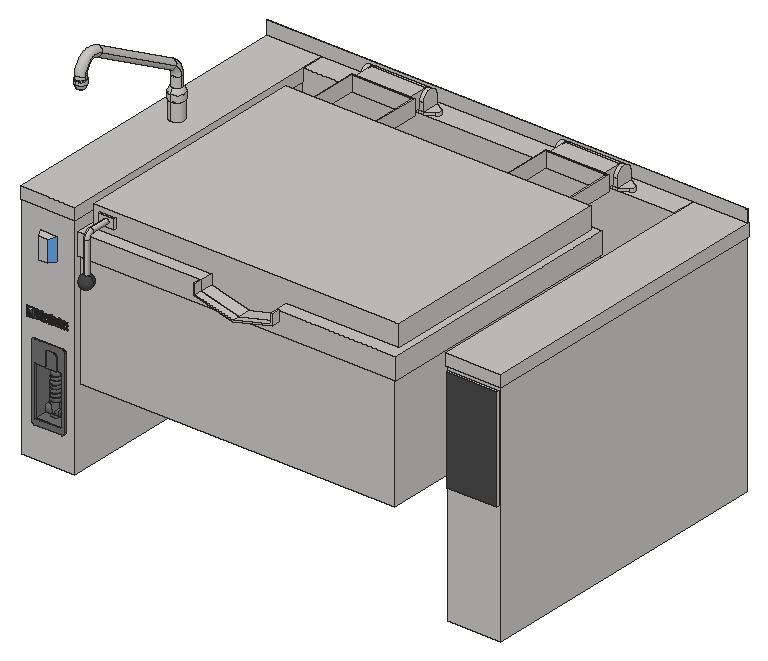
Revit family "QF_ELECTROLUXPROFESSIONAL_586954_PFET08ELES", category Specialty Equipment, Revit 2018
Family settings
  Round Connector Dimension = Use Radius
  Part Type = Normal
  Work Plane-Based = No
  Always vertical = Yes
  Cut with Voids When Loaded = No
  Shared = Yes
  Room Calculation Point = No
Parameters (values of type "Standard")
  Weight = 240.00 kg
  Watts = 0 W
  Volts = 400 V
  URL Manufacturer = "http://professional.electrolux.com"
  URL = "http://professional.electrolux.com"
  Steam Supply Size = 0"
  Steam Supply Minimum Pressure = 0.00 psi
  Steam Supply Maximum Pressure = 0.00 psi
  Steam Pounds per Hour = 0
  Show Logo [instance] = yes
  Refrigeration Suction Line Size = 0"
  Refrigeration Liquid Line Size = 0"
  Refrigerant Compressor Remote = yes
  Plinth Base Finish [instance] = QF_Finishes_Concrete
  Plinth Base [instance] = not(Base Height = 500.00 mm)  # yes
  Phase = 3
  Model = "PFET08ELES"
  Manufacturer = "Electrolux Professional"
  Length Actual = 1400.00 mm  # constant formula
  Item Number = "586954"
  Hot Water Size = 1/2"
  Height Actual = 700.00 mm  # constant formula
  HP = "27.6 HP"
  Gas Size = 0"
  Gas KW = 0
  Gas Input Pressure = 0.0 Btu/h
  Drain Y Axis [instance] = if(Base Height = 500.00 mm, 0.00 mm, 180.00 mm)  # 180.00 mm
  Drain X Axis [instance] = if(Base Height = 500.00 mm, 425.00 mm, Base Height)  # 200.00 mm
  Direct Waste Size = 0"
  Description = "EL. TILTING BRAISING PAN,AUTO H/C WATER FILL INLET,SPRAY GUN, 80L,H700,COMPOUND,BS,FS,D900,REAR CLS KIT,GUID.COOK.S"
  Depth Actual = 900.00 mm  # constant formula
  Cycle = 50 Hz
  Condensate Return Size = 0"
  Compressed Air Volume = 0 GPM
  Compressed Air Size = 0"
  Compressed Air Pressure = 0.00 psi
  Cold Water Size = 1/2"
  Bracket [instance] = Base Height = 500.00 mm  # no
  Body Finish [instance] = QF_Finishes_Stainless Steel
  Base Height = 200.00 mm
  Show Clearance [instance] = yes
  Assembly Code = ""
  Accessory = yes
Reference planes
  plane 1 "BACK": y = 0
  plane 2: z = 0
  plane 3 "LEFT": x = 0
  plane 4 "RIGHT": x = 1400
  plane 5 "FRONT": y = -900
  plane 6 "TOP": z = 900
  plane 7: z = 200
  plane 8 "Center": x = 700
  plane 9: y = -450
  plane 10: z = 1867
  plane 11: y = -680
  plane 12: y = -315
  plane 13: y = -1002
Forms (mm)
  Extrusion 1, solid, material "QF_Finishes_Stainless Steel" <- "Body Finish"
    sketch origin (-11.629, 0, 900) x (-1, 0, 0) y (0, -1, 0)
      loop
        line (-11.629, 0) -> (-11.629, 900) -> (-171.629, 900) -> (-171.629, 0) -> (-11.629, 0)
      loop
        line (-1411.629, 900) -> (-1411.629, 0) -> (-1251.629, 0) -> (-1251.629, 900) -> (-1411.629, 900)
    from 0 to -35
  Extrusion 2, solid, material "QF_Finishes_Stainless Steel" <- "Body Finish"
    sketch origin (-11.629, 0, 0) x (1, 0, 0) y (0, 0, 1)
      loop
        line (171.629, 900) -> (171.629, 500) -> (1251.629, 500) -> (1251.629, 900) -> (171.629, 900)
    from 0 to 70
  Extrusion 3, solid, material "QF_Finishes_Stainless Steel" <- "Body Finish"
    sketch origin (2286.371, 0, 27.379) x (1, 0, 0) y (0, 0, 1)
      loop
        line (-2049.571, 472.621) -> (-1134.271, 472.621) -> (-1134.271, 805.621) -> (-2049.571, 805.621) -> (-2049.571, 472.621)
    from 232 to 975.2
  Extrusion 4, solid, material "QF_Finishes_Stainless Steel" <- "Body Finish"
    sketch origin (1240, -900, 0) x (1, 0, 0) y (0, 0, 1)
      loop
        line (7, 553.501) -> (153, 553.501) -> (153, 855) -> (7, 855) -> (7, 553.501)
    from 0 to 5
  Blend 5, solid, material "QF_Finishes_Stainless Steel" <- "Body Finish"
    base sketch origin (154, -900, 0) x (-1, 0, 0) y (0, 0, -1)
      loop
        line (94.5, -805.4) -> (94.5, -738.6) -> (47.5, -738.6) -> (47.5, -805.4) -> (94.5, -805.4)
    top sketch origin (154, -900, 0) x (-1, 0, 0) y (0, 0, -1)
      loop
        line (84.448, -802.617) -> (84.448, -741.383) -> (57.552, -741.383) -> (57.552, -802.617) -> (84.448, -802.617)
    from 0 to 20.065
  Revolve 6, solid, material "QF_Finishes_Stainless Steel" <- "Body Finish"
    sketch origin (-986.928, -679, -3213) x (-1, 0, 0) y (0, 0, -1)
      loop
        line (-1223.728, -4000) -> (-1153.365, -4000) -> (-1153.365, -4030) -> (-1146.928, -4030) -> (-1146.928, -3943) -> (-1223.728, -3943) -> (-1223.728, -4000)
      loop
        line (-2139.028, -4000) -> (-2139.028, -3943) -> (-2226.928, -3943) -> (-2226.928, -4030) -> (-2220.491, -4030) -> (-2220.491, -4000) -> (-2139.028, -4000)
      axis (-1146.928, -3943) -> (-2226.928, -3943)
    angle from 0 to 360
  Extrusion 7, solid, material "QF_Finishes_Stainless Steel"
    sketch origin (0, 0, 386.36) x (0, 0, 1) y (1, 0, 0)
      loop
        circle (8.64, 106.204) r 6.35
      loop
        circle (8.64, 46.204) r 6.35
    from 0 to 5
  Extrusion 8, solid, material "QF_Finishes_Stainless Steel"
    sketch origin (1040, 0, 386.36) x (0, 0, 1) y (1, 0, 0)
      loop
        circle (63.64, 281.204) r 6.35
    from 0 to 5
  Extrusion 9, solid, material "QF_Finishes_Clearance", visible <- "Show Clearance", detail levels coarse
    sketch origin (2988.371, 9.994, -85.24) x (0, 1, 0) y (0, 0, 1)
      loop
        line (-58.467, 1043.24) -> (-450.27, 1952.74)
        arc (-450.27, 1952.74) -> (-894.699, 1597.175) -> (-1025.467, 1043.24) r 872.87
        line (-1025.467, 1043.24) -> (-58.467, 1043.24)
    from -2740.818 to -1852.578
  Revolve 10, solid, material "QF_Finishes_Black"
    sketch origin (-870.707, -1018.895, 810.327) x (0, 0, 1) y (-1, 0, 0)
      loop
        arc (13.06, -1158.612) -> (-6.179, -1139.373) -> (-25.418, -1158.612) r 19.239
        line (-25.418, -1158.612) -> (13.06, -1158.612)
      axis (-25.418, -1158.612) -> (13.06, -1158.612)
    angle from 0 to 360
  Extrusion 11, solid, material "Default", not visible
    sketch origin (-975.953, -4572.711, 180) x (-1, 0, 0) y (0, -1, 0)
      loop
        circle (-1055.953, -4392.711) r 12.5
    from 20 to 30
  Extrusion 12, solid, material "QF_Finishes_Stainless Steel" <- "Body Finish"
    sketch origin (2286.371, 0, 360.379) x (1, 0, 0) y (0, 0, 1)
      loop
        line (-2055.618, 472.621) -> (-1128.578, 472.621) -> (-1128.578, 536.621) -> (-2055.618, 536.621) -> (-2055.618, 472.621)
    from 232 to 980.2
  Extrusion 13, solid, material "QF_Finishes_Stainless Steel" <- "Body Finish"
    sketch origin (2286.371, 0, 420.879) x (1, 0, 0) y (0, 0, 1)
      loop
        line (-2038.818, 417.921) -> (-1150.578, 417.921) -> (-1150.578, 537.121) -> (-2038.818, 537.121) -> (-2038.818, 417.921)
    from 242 to 942.2
  Extrusion 14, void
    sketch origin (2286.371, 0, 420.879) x (1, 0, 0) y (0, 0, 1)
      loop
        line (-2038.818, 417.921) -> (-1150.578, 417.921) -> (-1150.578, 497.002) -> (-2038.818, 497.002) -> (-2038.818, 417.921)
    from 242 to 942.2
  Extrusion 15, void
    sketch origin (2281.371, -980.2, 360.379) x (-1, 0, 0) y (0, 0, 1)
      loop
        line (1690.885, 536.621) -> (1470.885, 536.621) -> (1470.885, 508.598) -> (1580.885, 480.503) -> (1690.885, 508.598) -> (1690.885, 536.621)
    from 0 to 38
  Extrusion 16, solid, material "QF_Finishes_Stainless Steel"
    sketch origin (2288.371, 0, 0) x (1, 0, 0) y (0, 1, 0)
      loop
        line (-1950.331, -22) -> (-1963.331, -22) -> (-1989.055, -36.047)
        arc (-1989.055, -36.047) -> (-1994.961, -46) -> (-1989.055, -55.953) r 11.341
        line (-1989.055, -55.953) -> (-1963.331, -70) -> (-1950.331, -70) -> (-1950.331, -22)
    from 900 to 908
  Extrusion 17, solid, material "QF_Finishes_Stainless Steel"
    sketch origin (-588.235, 0, -1068.606) x (0, 0, -1) y (0, 1, 0)
      loop
        line (-1976.606, -22) -> (-2000.57, -22)
        arc (-2000.57, -22) -> (-2024.57, -46) -> (-2000.57, -70) r 24
        line (-2000.57, -70) -> (-1976.606, -70) -> (-1976.606, -22)
    from 913.275 to 926.275
  Extrusion 18, solid, material "QF_Finishes_Stainless Steel"
    sketch origin (-1453.291, 0, 0) x (-1, 0, 0) y (0, -1, 0)
      loop
        line (-1950.331, 22) -> (-1950.331, 70) -> (-1963.331, 70) -> (-1989.055, 55.953)
        arc (-1989.055, 55.953) -> (-1994.961, 46) -> (-1989.055, 36.047) r 11.341
        line (-1989.055, 36.047) -> (-1963.331, 22) -> (-1950.331, 22)
    from 900 to 908
  Extrusion 19, solid, material "QF_Finishes_Stainless Steel"
    sketch origin (1423.315, 0, -1068.606) x (0, 0, -1) y (0, -1, 0)
      loop
        line (-1976.606, 22) -> (-1976.606, 70) -> (-2000.57, 70)
        arc (-2000.57, 70) -> (-2024.57, 46) -> (-2000.57, 22) r 24
        line (-2000.57, 22) -> (-1976.606, 22)
    from 913.275 to 926.275
  Extrusion 20, solid, material "QF_Finishes_Stainless Steel"
    sketch origin (-429.235, 0, -1068.606) x (0, 0, -1) y (0, 1, 0)
      loop
        line (-2024.57, -46) -> (-2024.606, -101) -> (-1979.606, -101) -> (-1979.606, -22) -> (-2000.57, -22)
        arc (-2000.57, -22) -> (-2017.541, -29.029) -> (-2024.57, -46) r 24
    from 767.275 to 926.275
  Extrusion 21, solid, material "QF_Finishes_Stainless Steel"
    sketch origin (2288.371, 0, 0) x (1, 0, 0) y (0, 1, 0)
      loop
        line (-1962.831, -101) -> (-1962.831, -242) -> (-1958.831, -242) -> (-1958.831, -105.055) -> (-1782.931, -105.055) -> (-1782.931, -242) -> (-1778.831, -242) -> (-1778.831, -101) -> (-1962.831, -101)
    from 911 to 956
  Extrusion 22, solid, material "QF_Finishes_Stainless Steel"
    sketch origin (2853.331, 0, 0) x (1, 0, 0) y (0, 1, 0)
      loop
        line (-1950.331, -22) -> (-1963.331, -22) -> (-1989.055, -36.047)
        arc (-1989.055, -36.047) -> (-1994.961, -46) -> (-1989.055, -55.953) r 11.341
        line (-1989.055, -55.953) -> (-1963.331, -70) -> (-1950.331, -70) -> (-1950.331, -22)
    from 900 to 908
  Extrusion 23, solid, material "QF_Finishes_Stainless Steel"
    sketch origin (-23.275, 0, -1068.606) x (0, 0, -1) y (0, 1, 0)
      loop
        line (-1976.606, -22) -> (-2000.57, -22)
        arc (-2000.57, -22) -> (-2024.57, -46) -> (-2000.57, -70) r 24
        line (-2000.57, -70) -> (-1976.606, -70) -> (-1976.606, -22)
    from 913.275 to 926.275
  Extrusion 24, solid, material "QF_Finishes_Stainless Steel"
    sketch origin (-888.331, 0, 0) x (-1, 0, 0) y (0, -1, 0)
      loop
        line (-1950.331, 22) -> (-1950.331, 70) -> (-1963.331, 70) -> (-1989.055, 55.953)
        arc (-1989.055, 55.953) -> (-1994.961, 46) -> (-1989.055, 36.047) r 11.341
        line (-1989.055, 36.047) -> (-1963.331, 22) -> (-1950.331, 22)
    from 900 to 908
  Extrusion 25, solid, material "QF_Finishes_Stainless Steel"
    sketch origin (1988.275, 0, -1068.606) x (0, 0, -1) y (0, -1, 0)
      loop
        line (-1976.606, 22) -> (-1976.606, 70) -> (-2000.57, 70)
        arc (-2000.57, 70) -> (-2024.57, 46) -> (-2000.57, 22) r 24
        line (-2000.57, 22) -> (-1976.606, 22)
    from 913.275 to 926.275
  Extrusion 26, solid, material "QF_Finishes_Stainless Steel"
    sketch origin (135.725, 0, -1068.606) x (0, 0, -1) y (0, 1, 0)
      loop
        line (-2024.57, -46) -> (-2024.606, -101) -> (-1979.606, -101) -> (-1979.606, -22) -> (-2000.57, -22)
        arc (-2000.57, -22) -> (-2017.541, -29.029) -> (-2024.57, -46) r 24
    from 767.275 to 926.275
  Extrusion 27, solid, material "QF_Finishes_Stainless Steel"
    sketch origin (2853.331, 0, 0) x (1, 0, 0) y (0, 1, 0)
      loop
        line (-1962.831, -101) -> (-1962.831, -242) -> (-1958.831, -242) -> (-1958.831, -105.055) -> (-1782.931, -105.055) -> (-1782.931, -242) -> (-1778.831, -242) -> (-1778.831, -101) -> (-1962.831, -101)
    from 911 to 956
  Sweep 28, solid, material "QF_Finishes_Stainless Steel"
    path origin (288.034, 0, 0) x (0, 1, 0) y (0, 0, 1)
      loop
        line (-947.2, 930) -> (-1003.319, 930)
        arc (-1003.319, 930) -> (-1013.926, 925.607) -> (-1018.319, 915) r 15
        line (-1018.319, 915) -> (-1018.319, 819.051)
    profile origin (288.034, -975.26, 930) x (0, 0, -1) y (1, 0, 0)
      loop
        circle (0, 0) r 6.362
  Extrusion 29, solid, material "QF_Finishes_Stainless Steel"
    sketch origin (2286.371, -980.2, 360.379) x (1, 0, 0) y (0, 0, 1)
      loop
        line (-1975.695, 554.621) -> (-1975.695, 584.621) -> (-2020.205, 584.621) -> (-2020.205, 554.621) -> (-1975.695, 554.621)
    from -38 to -33
  Extrusion 30, solid, material "QF_Finishes_Stainless Steel"
    sketch origin (-1161.774, -558.347, 100) x (-1, 0, 0) y (0, -1, 0)
      loop
        circle (-1211.774, -243.347) r 9.525
    from 707.782 to 698
  Extrusion 31, solid, material "QF_Finishes_Stainless Steel"
    sketch origin (-1136.774, -161.653, 100) x (-1, 0, 0) y (0, -1, 0)
      loop
        circle (-1246.774, 153.347) r 9.525
    from 707.782 to 698
  Extrusion 32, solid, material "QF_Finishes_Stainless Steel"
    sketch origin (2286.371, -980.2, 360.379) x (1, 0, 0) y (0, 0, 1)
      loop
        line (-1475.885, 508.598) -> (-1585.885, 480.503) -> (-1695.885, 508.598) -> (-1695.885, 536.621) -> (-1700.885, 536.621) -> (-1700.885, 505.804) -> (-1585.885, 476.432) -> (-1470.885, 505.804) -> (-1470.885, 536.621) -> (-1475.885, 536.621) -> (-1475.885, 508.598)
    from 0 to 21.8
  Extrusion 33, solid, material "QF_Finishes_Stainless Steel" <- "Body Finish"
    sketch origin (0, -100, 0) x (1, 0, 0) y (0, 1, 0)
      loop
        line (157, 97) -> (3, 97) -> (3, -797) -> (157, -797) -> (157, 97)
      loop
        line (1397, 97) -> (1243, 97) -> (1243, -797) -> (1397, -797) -> (1397, 97)
    from 200 to 865
  Extrusion 34, solid, material "Navy Blue", visible <- "Show Logo"
    sketch origin (160, -897, 0) x (-1, 0, 0) y (0, 0, -1)
      loop
        line (101.332, -593.18) -> (109.793, -593.18) -> (109.793, -583.327)
        arc (109.793, -583.327) -> (108.679, -580.639) -> (105.991, -579.525) r 3.802
        line (105.991, -579.525) -> (101.168, -579.525) -> (101.168, -581.736) -> (105.441, -581.736)
        arc (105.441, -581.736) -> (106.845, -582.21) -> (107.442, -583.566) r 1.838
        line (107.442, -583.566) -> (107.442, -585.52) -> (101.698, -585.52) -> (101.698, -587.738) -> (107.442, -587.738) -> (107.442, -590.968) -> (101.332, -590.968) -> (101.332, -593.18)
      loop
        line (99.498, -593.18) -> (99.498, -579.525) -> (97.146, -579.525) -> (97.146, -593.18) -> (99.498, -593.18)
      loop
        line (48.417, -593.18) -> (48.417, -579.525) -> (46.064, -579.525) -> (46.064, -593.18) -> (48.417, -593.18)
      loop
        line (93.257, -583.886) -> (85.539, -583.886)
        arc (85.539, -583.886) -> (86.746, -588.126) -> (90.874, -589.672) r 4.89
        arc (90.874, -589.672) -> (94.51, -587.828) -> (95.548, -583.886) r 4.976
        arc (95.548, -583.886) -> (94.182, -580.589) -> (90.886, -579.224) r 4.662
        arc (90.886, -579.224) -> (88.32, -579.602) -> (86.169, -581.05) r 5.86
        line (86.169, -581.05) -> (87.562, -582.444)
        arc (87.562, -582.444) -> (89.391, -581.347) -> (91.516, -581.531) r 3.458
        arc (91.516, -581.531) -> (92.812, -582.394) -> (93.257, -583.886) r 2.29
      loop
        line (93.198, -585.539) -> (87.902, -585.539)
        arc (87.902, -585.539) -> (88.645, -587.103) -> (90.278, -587.679) r 2.256
        arc (90.278, -587.679) -> (92.162, -587.188) -> (93.198, -585.539) r 2.64
      loop
        line (76.371, -586.524) -> (74.894, -588)
        arc (74.894, -588) -> (76.746, -589.341) -> (78.997, -589.742) r 5.117
        arc (78.997, -589.742) -> (82.429, -588.487) -> (84.231, -585.308) r 5.293
        arc (84.231, -585.308) -> (81.194, -579.733) -> (74.977, -581.018) r 5.33
        line (74.977, -581.018) -> (76.446, -582.487)
        arc (76.446, -582.487) -> (79.616, -581.438) -> (81.887, -583.886) r 3.088
        arc (81.887, -583.886) -> (81.729, -585.821) -> (80.396, -587.234) r 2.933
        arc (80.396, -587.234) -> (78.264, -587.559) -> (76.371, -586.524) r 3.369
      loop
        line (73.45, -593.18) -> (73.45, -583.849)
        arc (73.45, -583.849) -> (73.246, -582.449) -> (72.722, -581.135) r 6.031
        arc (72.722, -581.135) -> (71.044, -579.8) -> (68.918, -579.519) r 4.018
        line (68.918, -579.519) -> (68.918, -581.723)
        arc (68.918, -581.723) -> (69.55, -581.771) -> (70.139, -582.005) r 2.118
        arc (70.139, -582.005) -> (70.895, -582.804) -> (71.098, -583.886) r 1.949
        line (71.098, -583.886) -> (71.098, -587.265) -> (68.962, -587.265) -> (68.962, -589.401) -> (71.098, -589.401) -> (71.098, -593.18) -> (73.45, -593.18)
      loop
        arc (64.65, -584.717) -> (64.482, -585.701) -> (63.997, -586.574) r 2.967
        arc (63.997, -586.574) -> (62.588, -587.297) -> (61.004, -587.265) r 3.231
        line (61.004, -587.265) -> (61.004, -589.525)
        arc (61.004, -589.525) -> (63.073, -589.33) -> (64.65, -587.977) r 3.432
        line (64.65, -587.977) -> (64.65, -589.401) -> (66.983, -589.401) -> (66.983, -579.525) -> (64.65, -579.525) -> (64.65, -584.717)
      loop
        circle (55.254, -584.461) r 5.233
      loop
        circle (55.254, -584.461) r 3.172
      loop
        arc (37.582, -583.638) -> (38.162, -582.041) -> (39.738, -581.405) r 2.088
        arc (39.738, -581.405) -> (41.313, -582.041) -> (41.894, -583.638) r 2.088
        line (41.894, -583.638) -> (41.894, -589.401) -> (44.266, -589.401) -> (44.266, -583.442)
        arc (44.266, -583.442) -> (42.916, -580.365) -> (39.738, -579.275) r 4.181
        arc (39.738, -579.275) -> (36.524, -580.398) -> (35.211, -583.539) r 4.181
        line (35.211, -583.539) -> (35.211, -589.401) -> (37.582, -589.401) -> (37.582, -583.638)
      loop
        line (33.789, -589.401) -> (30.374, -584.764) -> (34.126, -579.522) -> (31.598, -579.522) -> (29.107, -583.001) -> (26.58, -579.522) -> (24.068, -579.522) -> (27.767, -584.817) -> (24.385, -589.401) -> (26.952, -589.401) -> (29.115, -586.469) -> (31.245, -589.401) -> (33.789, -589.401)
      loop
        line (108.47, -573.865) -> (110.346, -573.865) -> (110.346, -569.143) -> (109.319, -569.143) -> (109.319, -570.769) -> (108.185, -570.769)
        arc (108.185, -570.769) -> (106.916, -572.447) -> (108.47, -573.865) r 1.561
      loop
        arc (108.23, -571.697) -> (107.841, -572.304) -> (108.23, -572.911) r 0.668
        line (108.23, -572.911) -> (109.319, -572.911) -> (109.319, -571.697) -> (108.23, -571.697)
      loop
        line (101.061, -573.865) -> (102.968, -573.865) -> (102.968, -569.143) -> (101.942, -569.143) -> (101.942, -570.769) -> (100.949, -570.769) -> (100.27, -569.143) -> (99.168, -569.143) -> (100.097, -571.134)
        arc (100.097, -571.134) -> (99.652, -571.665) -> (99.502, -572.343) r 1.458
        arc (99.502, -572.343) -> (99.971, -573.421) -> (101.061, -573.865) r 1.559
      loop
        line (101.942, -572.911) -> (101.942, -571.697) -> (100.852, -571.697)
        arc (100.852, -571.697) -> (100.464, -572.304) -> (100.852, -572.911) r 0.668
        line (100.852, -572.911) -> (101.942, -572.911)
      loop
        circle (93.139, -571.504) r 2.453
      loop
        circle (93.139, -571.504) r 1.557
      loop
        line (86.655, -573.865) -> (86.655, -569.143) -> (85.654, -569.143) -> (85.654, -570.793) -> (83.876, -570.793) -> (83.876, -571.851) -> (85.654, -571.851) -> (85.654, -572.847) -> (83.706, -572.847) -> (83.706, -573.865) -> (86.655, -573.865)
      loop
        line (79.724, -573.865) -> (79.724, -570.677)
        arc (79.724, -570.677) -> (79.288, -569.596) -> (78.213, -569.146) r 1.51
        line (78.213, -569.146) -> (76.689, -569.146) -> (76.689, -570.038) -> (78.122, -570.038)
        arc (78.122, -570.038) -> (78.65, -570.475) -> (78.753, -571.151) r 0.961
        line (78.753, -571.151) -> (76.866, -571.151) -> (76.866, -572.043) -> (78.753, -572.043) -> (78.753, -572.973) -> (76.735, -572.973) -> (76.735, -573.865) -> (79.724, -573.865)
      loop
        arc (62.624, -573.267) -> (63.249, -573.78) -> (64.041, -573.943) r 1.69
        arc (64.041, -573.943) -> (64.773, -573.764) -> (65.374, -573.31) r 1.872
        arc (65.374, -573.31) -> (65.486, -572.238) -> (64.794, -571.411) r 1.385
        arc (64.794, -571.411) -> (64.212, -571.217) -> (63.66, -570.95) r 4.78
        arc (63.66, -570.95) -> (63.312, -570.539) -> (63.552, -570.057) r 0.489
        arc (63.552, -570.057) -> (63.998, -569.952) -> (64.442, -570.065) r 0.963
        arc (64.442, -570.065) -> (64.826, -570.341) -> (65.061, -570.752) r 1.118
        line (65.061, -570.752) -> (65.887, -570.367)
        arc (65.887, -570.367) -> (65.589, -569.793) -> (65.11, -569.36) r 1.815
        arc (65.11, -569.36) -> (64.566, -569.127) -> (63.978, -569.068) r 1.957
        arc (63.978, -569.068) -> (63.25, -569.213) -> (62.595, -569.561) r 2.556
        arc (62.595, -569.561) -> (62.305, -570.331) -> (62.455, -571.139) r 1.535
        arc (62.455, -571.139) -> (62.778, -571.512) -> (63.19, -571.781) r 1.779
        arc (63.19, -571.781) -> (63.712, -572.014) -> (64.248, -572.215) r 9.371
        arc (64.248, -572.215) -> (64.557, -572.696) -> (64.11, -573.053) r 0.427
        arc (64.11, -573.053) -> (63.575, -572.924) -> (63.163, -572.558) r 1.135
        line (63.163, -572.558) -> (62.624, -573.267)
      loop
        line (58.291, -573.865) -> (58.291, -569.146) -> (57.321, -569.146) -> (57.321, -573.865) -> (58.291, -573.865)
      loop
        circle (50.779, -571.506) r 1.468
      loop
        circle (50.779, -571.506) r 2.451
      loop
        line (44.27, -569.146) -> (43.289, -569.146) -> (43.289, -572.113) -> (41.131, -569.146) -> (40.187, -569.146) -> (40.187, -573.865) -> (41.168, -573.865) -> (41.168, -570.808) -> (43.326, -573.865) -> (44.27, -573.865) -> (44.27, -569.146)
      loop
        line (35.295, -569.146) -> (34.836, -570.164) -> (33.09, -570.164) -> (32.631, -569.146) -> (31.588, -569.146) -> (33.581, -573.865) -> (34.491, -573.865) -> (36.337, -569.146) -> (35.295, -569.146)
      loop
        line (33.526, -571.132) -> (33.993, -572.169) -> (34.447, -571.132) -> (33.526, -571.132)
      loop
        line (26.769, -570.038) -> (26.769, -573.865) -> (27.739, -573.865) -> (27.739, -569.146) -> (24.954, -569.146) -> (24.954, -570.038) -> (26.769, -570.038)
      loop
        arc (69.698, -573.267) -> (70.324, -573.78) -> (71.116, -573.943) r 1.69
        arc (71.116, -573.943) -> (71.847, -573.764) -> (72.449, -573.31) r 1.872
        arc (72.449, -573.31) -> (72.56, -572.238) -> (71.868, -571.411) r 1.385
        arc (71.868, -571.411) -> (71.287, -571.217) -> (70.735, -570.95) r 4.78
        arc (70.735, -570.95) -> (70.386, -570.539) -> (70.627, -570.057) r 0.489
        arc (70.627, -570.057) -> (71.073, -569.952) -> (71.517, -570.065) r 0.963
        arc (71.517, -570.065) -> (71.901, -570.341) -> (72.136, -570.752) r 1.118
        line (72.136, -570.752) -> (72.961, -570.367)
        arc (72.961, -570.367) -> (72.664, -569.793) -> (72.184, -569.36) r 1.815
        arc (72.184, -569.36) -> (71.64, -569.127) -> (71.052, -569.068) r 1.957
        arc (71.052, -569.068) -> (70.325, -569.213) -> (69.669, -569.561) r 2.556
        arc (69.669, -569.561) -> (69.38, -570.331) -> (69.529, -571.139) r 1.535
        arc (69.529, -571.139) -> (69.852, -571.512) -> (70.265, -571.781) r 1.779
        arc (70.265, -571.781) -> (70.787, -572.014) -> (71.322, -572.215) r 9.371
        arc (71.322, -572.215) -> (71.632, -572.696) -> (71.185, -573.053) r 0.427
        arc (71.185, -573.053) -> (70.649, -572.924) -> (70.238, -572.558) r 1.135
        line (70.238, -572.558) -> (69.698, -573.267)
      loop
        line (124.467, -593.367) -> (124.467, -568.534)
        arc (124.467, -568.534) -> (115.287, -580.95) -> (124.467, -593.367) r 12.987
      loop
        arc (125.423, -593.446) -> (135.891, -591.227) -> (141.022, -581.837) r 12.809
        line (141.022, -581.837) -> (135.422, -581.837)
        arc (135.422, -581.837) -> (128.84, -585.012) -> (125.423, -591.472) r 11.707
        line (125.423, -591.472) -> (125.423, -593.446)
      loop
        arc (125.73, -570.332) -> (129.585, -577.251) -> (136.925, -580.23) r 11.93
        line (136.925, -580.23) -> (141.033, -580.23)
        arc (141.033, -580.23) -> (136.066, -570.804) -> (125.73, -568.215) r 13.06
        line (125.73, -568.215) -> (125.73, -570.332)
      loop
        line (141.976, -594.722) -> (141.976, -567.122) -> (114.339, -567.122) -> (114.339, -594.722) -> (141.976, -594.722)
    from 0 to 0.697
  Extrusion 35, void
    sketch origin (-3.1, -900, 0) x (1, 0, 0) y (0, 0, 1)
      loop
        line (125.4, 500.944) -> (43.4, 500.944) -> (43.4, 305.944) -> (125.4, 305.944) -> (125.4, 500.944)
    from 0 to -63
  Extrusion 36, solid, material "QF_Finishes_Stainless Steel"
    sketch origin (700, -100, 0) x (0, 1, 0) y (0, 0, 1)
      loop
        line (98, 937.998) -> (98, 900) -> (100, 900) -> (100, 937.998) -> (98, 937.998)
    from 700 to -700
Cuts and joins
  Extrusion 14, Extrusion 15 cuts Extrusion 12
  Extrusion 15 cuts Extrusion 13
  Extrusion 35 cuts Extrusion 33
Lines and regions (mm)
  Split face 1
    outline origin (1240, -905, 0) x (1, 0, 0) y (0, 0, 1)
      loop
        line (7.625, 638.501) -> (7.625, 554.126) -> (152.375, 554.126) -> (152.375, 638.501) -> (7.625, 638.501)
  Split face 2
    outline origin (1240, -905, 0) x (1, 0, 0) y (0, 0, 1)
      loop
        line (21.373, 638.501) -> (138.623, 638.501) -> (138.623, 843.501) -> (21.373, 843.501) -> (21.373, 638.501)
  symbolic lines, style "QF-Clearances", visible <- "Show Clearance", detail levels coarse
    curve 1: line (450.02, -980.2, 0) -> (450.02, -1749.985, 0)
    curve 2: line (450.02, -1749.985, 0) -> (950.02, -1749.985, 0)
    curve 3: line (950.02, -1749.985, 0) -> (950.02, -980.2, 0)
  symbolic lines, style "SpecialityEquipment"
    curve 4: line (509.54, -101, 0) -> (325.54, -101, 0)
    curve 5: line (325.54, -101, 0) -> (325.54, -242, 0)
    curve 6: line (325.54, -242, 0) -> (329.54, -242, 0)
    curve 7: line (329.54, -242, 0) -> (329.54, -105.055, 0)
    curve 8: line (329.54, -105.055, 0) -> (505.44, -105.055, 0)
    curve 9: line (505.44, -105.055, 0) -> (505.44, -242, 0)
    curve 10: line (505.44, -242, 0) -> (509.54, -242, 0)
    curve 11: line (509.54, -242, 0) -> (509.54, -101, 0)
  symbolic lines
    curve 12: line (894.5, -105.055, 0) -> (1070.4, -105.055, 0)
    curve 13: line (1070.4, -105.055, 0) -> (1070.4, -242, 0)
    curve 14: line (1070.4, -242, 0) -> (1074.5, -242, 0)
    curve 15: line (1074.5, -242, 0) -> (1074.5, -101, 0)
    curve 16: line (1074.5, -101, 0) -> (890.5, -101, 0)
    curve 17: line (890.5, -101, 0) -> (890.5, -242, 0)
    curve 18: line (890.5, -242, 0) -> (894.5, -242, 0)
    curve 19: line (894.5, -242, 0) -> (894.5, -105.055, 0)
    curve 20: line (903, -101, 0) -> (903, -22, 0)
    curve 21: line (890, -22, 0) -> (1075, -22, 0)
    curve 22: line (1062, -22, 0) -> (1062, -101, 0)
    curve 23: line (1062, -70, 0) -> (1075, -70, 0)
    curve 24: line (1075, -70, 0) -> (1075, -22, 0)
    curve 25: line (903, -70, 0) -> (890, -70, 0)
    curve 26: line (890, -70, 0) -> (890, -22, 0)
    curve 27: line (1075, -70, 0) -> (1100.724, -55.953, 0)
    curve 28: arc (1100.724, -55.953, 0) -> (1106.63, -46, 0) -> (1100.724, -36.047, 0) r 11.341
    curve 29: line (1100.724, -36.047, 0) -> (1075, -22, 0)
    curve 30: line (890, -22, 0) -> (864.276, -36.047, 0)
    curve 31: arc (864.276, -36.047, 0) -> (858.37, -46, 0) -> (864.276, -55.953, 0) r 11.341
    curve 32: line (864.276, -55.953, 0) -> (890, -70, 0)
    curve 33: line (338.04, -101, 0) -> (338.04, -22, 0)
    curve 34: line (325.04, -22, 0) -> (510.04, -22, 0)
    curve 35: line (497.04, -22, 0) -> (497.04, -101, 0)
    curve 36: line (497.04, -70, 0) -> (510.04, -70, 0)
    curve 37: line (510.04, -70, 0) -> (510.04, -22, 0)
    curve 38: line (338.04, -70, 0) -> (325.04, -70, 0)
    curve 39: line (325.04, -70, 0) -> (325.04, -22, 0)
    curve 40: line (510.04, -70, 0) -> (535.764, -55.953, 0)
    curve 41: arc (535.764, -55.953, 0) -> (541.67, -46, 0) -> (535.764, -36.047, 0) r 11.341
    curve 42: line (535.764, -36.047, 0) -> (510.04, -22, 0)
    curve 43: line (325.04, -22, 0) -> (299.316, -36.047, 0)
    curve 44: arc (299.316, -36.047, 0) -> (293.41, -46, 0) -> (299.316, -55.953, 0) r 11.341
    curve 45: line (299.316, -55.953, 0) -> (325.04, -70, 0)
    curve 46: line (510.04, -70, 0) -> (890, -70, 0)
    curve 47: line (1240, -900, 0) -> (1400, -900, 0)
    curve 48: line (1240, 0, 0) -> (1240, -900, 0)
    curve 49: line (1400, -900, 0) -> (1400, 0, 0)
    curve 50: line (160, -900, 0) -> (0, -900, 0)
    curve 51: line (160, 0, 0) -> (160, -900, 0)
    curve 52: line (0, 0, 0) -> (1400, 0, 0)
    curve 53: line (0, -900, 0) -> (0, 0, 0)
    curve 54: line (230.753, -232, 0) -> (1157.793, -232, 0)
    curve 55: line (230.753, -980.2, 0) -> (230.753, -232, 0)
    curve 56: line (1157.793, -980.2, 0) -> (810.486, -980.2, 0)
    curve 57: line (1157.793, -232, 0) -> (1157.793, -980.2, 0)
    curve 58: line (247.553, -242, 0) -> (1135.793, -242, 0)
    curve 59: line (247.553, -942.2, 0) -> (247.553, -242, 0)
    curve 60: line (1135.793, -942.2, 0) -> (247.553, -942.2, 0)
    curve 61: line (1135.793, -242, 0) -> (1135.793, -942.2, 0)
    curve 62: line (810.486, -1002, 0) -> (810.486, -980.2, 0)
    curve 63: line (590.485, -942.2, 0) -> (590.485, -1002, 0)
    curve 64: line (266.166, -947.2, 0) -> (310.676, -947.2, 0)
    curve 65: line (310.676, -947.2, 0) -> (310.676, -942.2, 0)
    curve 66: line (266.166, -942.2, 0) -> (266.166, -947.2, 0)
    curve 67: arc (281.166, -1001.018, 0) -> (288.08, -1038.066, 0) -> (294.67, -1000.959, 0) r 19.154
    curve 68: line (281.166, -947.2, 0) -> (281.166, -1013.506, 0)
    curve 69: line (294.67, -947.2, 0) -> (294.67, -1013.506, 0)
    curve 70: arc (294.67, -1013.506, 0) -> (287.918, -1020.258, 0) -> (281.166, -1013.506, 0) r 6.752
    curve 71: line (281.166, -980.2, 0) -> (230.753, -980.2, 0)
    curve 72: line (96.448, -920.065, 0) -> (69.552, -920.065, 0)
    curve 73: line (69.552, -920.065, 0) -> (59.5, -900, 0)
    curve 74: line (96.448, -920.065, 0) -> (106.5, -900, 0)
    curve 75: line (1393, -905, 0) -> (1393, -900, 0)
    curve 76: line (1393, -905, 0) -> (1247, -905, 0)
    curve 77: line (1247, -905, 0) -> (1247, -900, 0)
    curve 78: line (166.437, -592, 0) -> (160, -592, 0)
    curve 79: line (166.437, -766, 0) -> (160, -766, 0)
    curve 80: line (166.437, -592, 0) -> (166.437, -766, 0)
    curve 81: line (166.437, -622, 0) -> (230.753, -622, 0)
    curve 82: line (230.753, -736, 0) -> (166.437, -736, 0)
    curve 83: line (1233.563, -592, 0) -> (1240, -592, 0)
    curve 84: line (1233.563, -766, 0) -> (1240, -766, 0)
    curve 85: line (1233.563, -592, 0) -> (1233.563, -766, 0)
    curve 86: line (1233.563, -622, 0) -> (1157.793, -622, 0)
    curve 87: line (1157.793, -736, 0) -> (1233.563, -736, 0)
    curve 88: line (160, -70, 0) -> (325.04, -70, 0)
    curve 89: line (1240, -70, 0) -> (1075, -70, 0)
    curve 90: line (590.485, -1002, 0) -> (810.486, -1002, 0)
    curve 91: line (810.486, -980.2, 0) -> (810.486, -942.2, 0)
    curve 92: line (590.485, -980.2, 0) -> (294.67, -980.2, 0)
    curve 93: line (700.485, -942.2, 0) -> (700.485, -1002, 0)
    curve 94: line (0, -2, 0) -> (1400, -2, 0)
Dimensions and locks
  plane 3 "LEFT" to plane 4 "RIGHT" = 1400.00 mm
  plane 4 "RIGHT" to plane 3 "LEFT" = 1400.00 mm
  plane 1 "BACK" to plane 5 "FRONT" = 900.00 mm
  plane 5 "FRONT" to plane 1 "BACK" = 900.00 mm
  plane 6 "TOP" to level = 900.00 mm
  "Base Height": plane 7 to level
  equal spacing: plane 5 "FRONT", plane 9, plane 1 "BACK"
  equal spacing: plane 3 "LEFT", plane 8 "Center", plane 4 "RIGHT"
  plane 6 "TOP" to Extrusion 4 sketch curve to Extrusion 4 sketch curve = 45.00 mm locked, 301.499 mm locked
  plane 6 "TOP" to Extrusion 2 sketch curve to Extrusion 2 sketch curve = 0.00 mm, 400.00 mm
  plane 10 to plane 6 "TOP" = 967.00 mm  (x2)
  Extrusion 8 sketch curve to plane 6 "TOP" = 450.00 mm
  plane 3 "LEFT" to Extrusion 11 sketch curve = 80.00 mm
  "Drain Y Axis": Extrusion 11 sketch curve to plane 1 "BACK"
  "Drain X Axis": Extrusion 11 to level
  locked: Extrusion 11 to Extrusion 11 at 10
  plane 11 to plane 1 "BACK" = 680.00 mm
  Extrusion 7 sketch curve to plane 7 = 195.00 mm
  Extrusion 9 to plane 6 "TOP" = 58.00 mm
  Extrusion 8 sketch curve to plane 7 = 250.00 mm
  plane 12 to plane 1 "BACK" = 315.00 mm
  plane 13 to plane 1 "BACK" = 1002.00 mm
  aligned and locked: level to plane 2
  aligned: plane 6 "TOP" to Extrusion 1
  aligned and locked: plane 6 "TOP" to Extrusion 1
Automatic sketch dimensions
  plane 5 "FRONT" to Extrusion 1 sketch curve = 0.00 mm  (x2)
  plane 1 "BACK" to Extrusion 1 sketch curve = 0.00 mm  (x2)
  Extrusion 1 sketch curve to plane 3 "LEFT" = 0.00 mm
  plane 3 "LEFT" to Extrusion 1 sketch curve = 160.00 mm
  Extrusion 1 sketch curve to plane 4 "RIGHT" = 160.00 mm
  plane 4 "RIGHT" to Extrusion 1 sketch curve = 0.00 mm
  plane 1 "BACK" to Extrusion 16 sketch curve = 55.953 mm
  plane 3 "LEFT" to Extrusion 16 sketch curve = 299.316 mm
  plane 1 "BACK" to Extrusion 16 sketch curve = 70.00 mm
  plane 1 "BACK" to Extrusion 16 sketch curve = 36.047 mm
  Extrusion 16 sketch curve to Extrusion 16 sketch curve = 0.00 mm
  Extrusion 16 sketch curve to Extrusion 16 sketch curve = 25.724 mm  (x2)
  plane 1 "BACK" to Extrusion 16 sketch curve = 22.00 mm
  Extrusion 16 sketch curve to Extrusion 16 sketch curve = 13.00 mm
  Extrusion 16 sketch curve to Extrusion 16 sketch curve = 5.435 mm
  plane 1 "BACK" to Extrusion 18 sketch curve = 55.953 mm
  Extrusion 18 sketch curve to plane 8 "Center" = 164.236 mm
  plane 1 "BACK" to Extrusion 18 sketch curve = 22.00 mm
  plane 1 "BACK" to Extrusion 18 sketch curve = 36.047 mm
  Extrusion 18 sketch curve to Extrusion 18 sketch curve = 0.00 mm
  Extrusion 18 sketch curve to Extrusion 18 sketch curve = 25.724 mm  (x2)
  Extrusion 18 sketch curve to Extrusion 18 sketch curve = 13.00 mm
  Extrusion 18 sketch curve to Extrusion 18 sketch curve = 5.435 mm
  Extrusion 18 sketch curve to Extrusion 18 sketch curve = 14.047 mm
  plane 1 "BACK" to Extrusion 21 sketch curve = 101.00 mm
  plane 3 "LEFT" to Extrusion 21 sketch curve = 325.54 mm
  Extrusion 21 sketch curve to plane 12 = 73.00 mm  (x2)
  Extrusion 21 sketch curve to Extrusion 21 sketch curve = 4.00 mm
  Extrusion 21 sketch curve to Extrusion 21 sketch curve = 175.90 mm
  Extrusion 21 sketch curve to Extrusion 21 sketch curve = 4.10 mm
  Extrusion 21 sketch curve to Extrusion 21 sketch curve = 4.055 mm
  plane 1 "BACK" to Extrusion 22 sketch curve = 55.953 mm
  plane 8 "Center" to Extrusion 22 sketch curve = 164.276 mm
  plane 1 "BACK" to Extrusion 22 sketch curve = 70.00 mm
  plane 1 "BACK" to Extrusion 22 sketch curve = 36.047 mm
  Extrusion 22 sketch curve to Extrusion 22 sketch curve = 0.00 mm
  Extrusion 22 sketch curve to Extrusion 22 sketch curve = 25.724 mm  (x2)
  plane 1 "BACK" to Extrusion 22 sketch curve = 22.00 mm
  Extrusion 22 sketch curve to Extrusion 22 sketch curve = 13.00 mm
  Extrusion 22 sketch curve to Extrusion 22 sketch curve = 5.435 mm
  plane 1 "BACK" to Extrusion 24 sketch curve = 55.953 mm
  Extrusion 24 sketch curve to plane 4 "RIGHT" = 299.276 mm
  plane 1 "BACK" to Extrusion 24 sketch curve = 22.00 mm
  plane 1 "BACK" to Extrusion 24 sketch curve = 36.047 mm
  Extrusion 24 sketch curve to Extrusion 24 sketch curve = 0.00 mm
  Extrusion 24 sketch curve to Extrusion 24 sketch curve = 25.724 mm  (x2)
  Extrusion 24 sketch curve to Extrusion 24 sketch curve = 13.00 mm
  Extrusion 24 sketch curve to Extrusion 24 sketch curve = 5.435 mm
  Extrusion 24 sketch curve to Extrusion 24 sketch curve = 14.047 mm
  plane 8 "Center" to Extrusion 27 sketch curve = 190.50 mm
  Extrusion 27 sketch curve to plane 12 = 73.00 mm  (x2)
  Extrusion 27 sketch curve to Extrusion 27 sketch curve = 4.00 mm
  Extrusion 27 sketch curve to Extrusion 27 sketch curve = 175.90 mm
  Extrusion 27 sketch curve to Extrusion 27 sketch curve = 4.10 mm
  plane 1 "BACK" to Extrusion 27 sketch curve = 105.055 mm
  Extrusion 27 sketch curve to Extrusion 27 sketch curve = 4.055 mm
  plane 12 to Extrusion 30 sketch curve = 0.00 mm
  plane 3 "LEFT" to Extrusion 30 sketch curve = 50.00 mm
  plane 12 to Extrusion 31 sketch curve = 0.00 mm
  plane 3 "LEFT" to Extrusion 31 sketch curve = 110.00 mm
  curve 53 to plane 3 "LEFT" = 0.00 mm
  plane 5 "FRONT" to curve 50 = 0.00 mm
  curve 63 to plane 13 = 0.00 mm
  plane 5 "FRONT" to curve 48 = 0.00 mm
  plane 1 "BACK" to curve 49 = 0.00 mm
  curve 1 to plane 8 "Center" = 249.98 mm
  curve 1 to plane 13 = 747.985 mm
  plane 5 "FRONT" to curve 72 = 20.065 mm
  plane 3 "LEFT" to curve 72 = 69.552 mm
  curve 72 to curve 74 = 26.896 mm
  curve 72 to curve 50 = 63.552 mm
  curve 78 to curve 78 = 6.437 mm
  curve 54 to plane 12 = 83.00 mm
  curve 88 to curve 54 = 70.753 mm
  curve 55 to curve 60 = 16.80 mm
  curve 59 to curve 66 = 18.614 mm
  curve 68 to plane 13 = 11.506 mm
  curve 55 to curve 68 = 50.414 mm
  curve 70 to curve 69 = 13.503 mm
  plane 1 "BACK" to curve 45 = 55.953 mm
  curve 88 to curve 45 = 139.316 mm
  plane 1 "BACK" to curve 43 = 36.047 mm
  curve 44 to curve 43 = 0.00 mm
  curve 69 to curve 65 = 16.007 mm
  curve 43 to curve 39 = 25.724 mm
  curve 58 to curve 6 = 77.987 mm
  curve 4 to curve 7 = 4.00 mm
  curve 10 to plane 12 = 73.00 mm
  curve 6 to curve 10 = 175.90 mm
  curve 8 to curve 4 = 4.10 mm
  curve 4 to curve 37 = 0.50 mm
  plane 1 "BACK" to curve 42 = 36.047 mm
  curve 34 to curve 42 = 25.724 mm
  plane 1 "BACK" to curve 40 = 55.953 mm
  curve 42 to curve 40 = 0.00 mm
  curve 63 to plane 8 "Center" = 109.515 mm
  plane 8 "Center" to curve 90 = 110.486 mm
  plane 1 "BACK" to curve 32 = 55.953 mm
  plane 8 "Center" to curve 32 = 164.276 mm
  plane 1 "BACK" to curve 30 = 36.047 mm
  curve 31 to curve 30 = 0.00 mm
  curve 31 to curve 26 = 25.724 mm
  curve 25 to curve 16 = 0.50 mm
  curve 16 to curve 19 = 4.00 mm
  plane 8 "Center" to curve 2 = 250.02 mm
  curve 14 to plane 12 = 73.00 mm
  curve 18 to curve 14 = 175.90 mm
  curve 12 to curve 15 = 4.10 mm
  plane 1 "BACK" to curve 24 = 22.00 mm
  curve 15 to curve 24 = 0.50 mm
  plane 1 "BACK" to curve 29 = 36.047 mm
  curve 21 to curve 29 = 25.724 mm
  plane 1 "BACK" to curve 27 = 55.953 mm
  curve 29 to curve 27 = 0.00 mm
  curve 14 to curve 61 = 61.293 mm
  plane 13 to curve 57 = 21.80 mm
  curve 60 to curve 57 = 22.00 mm
  curve 86 to curve 85 = 75.77 mm
  curve 60 to curve 48 = 104.207 mm
  curve 47 to curve 77 = 7.00 mm
  curve 76 to plane 4 "RIGHT" = 7.00 mm
  plane 4 "RIGHT" to curve 47 = 0.00 mm
  curve 73 to curve 72 = 10.052 mm
  curve 72 to curve 74 = 10.052 mm
  curve 70 to curve 67 = 0.078 mm
  curve 45 to curve 44 = 5.435 mm
  curve 88 to curve 38 = 0.00 mm
  curve 7 to curve 33 = 8.50 mm
  curve 35 to curve 8 = 8.40 mm
  curve 46 to curve 36 = 0.00 mm
  curve 41 to curve 42 = 5.435 mm
  plane 8 "Center" to curve 93 = 0.485 mm
  curve 31 to curve 31 = 5.435 mm
  curve 46 to curve 25 = 0.00 mm
  curve 25 to curve 25 = 13.00 mm
  curve 23 to curve 23 = 13.00 mm
  curve 89 to curve 23 = 0.00 mm
  curve 28 to curve 29 = 5.435 mm
  plane 13 to curve 71 = 21.80 mm
  curve 71 to curve 65 = 33.00 mm
  plane 5 "FRONT" to curve 60 = 42.20 mm
  curve 76 to curve 77 = 5.00 mm
  plane 11 to curve 85 = 86.00 mm
  plane 11 to curve 80 = 86.00 mm
  curve 80 to plane 11 = 88.00 mm
  curve 85 to plane 11 = 88.00 mm
  curve 58 to curve 54 = 10.00 mm
  curve 7 to plane 12 = 73.00 mm
  curve 17 to plane 12 = 73.00 mm
  curve 8 to curve 41 = 49.101 mm
  curve 12 to curve 28 = 49.101 mm
  curve 7 to curve 4 = 4.055 mm
  curve 12 to curve 15 = 4.055 mm
  curve 32 to curve 31 = 14.047 mm
  curve 27 to curve 27 = 14.047 mm
  curve 38 to curve 45 = 14.047 mm
  plane 1 "BACK" to curve 34 = 22.00 mm
  curve 67 to curve 70 = 5.406 mm
  plane 13 to curve 67 = 0.982 mm
  curve 71 to curve 92 = 0.00 mm
  plane 11 to curve 87 = 56.00 mm
  curve 79 to curve 82 = 30.00 mm
  curve 86 to curve 83 = 30.00 mm
  curve 81 to plane 11 = 58.00 mm
  plane 3 "LEFT" to Extrusion 2 sketch curve = 160.00 mm
  Extrusion 2 sketch curve to plane 4 "RIGHT" = 160.00 mm
  Extrusion 3 sketch curve to plane 6 "TOP" = 67.00 mm
  plane 3 "LEFT" to Extrusion 3 sketch curve = 236.80 mm
  plane 7 to Extrusion 3 sketch curve = 300.00 mm
  Extrusion 3 sketch curve to plane 4 "RIGHT" = 247.90 mm
  Blend 5 sketch curve to Blend 5 sketch curve = 47.00 mm
  Blend 5 sketch curve to Blend 5 sketch curve = 66.80 mm
  Blend 5 sketch curve to Blend 5 sketch curve = 26.896 mm
  Blend 5 sketch curve to Blend 5 sketch curve = 61.233 mm
  Revolve 6 sketch curve to plane 4 "RIGHT" = 160.00 mm
  Revolve 6 sketch curve to plane 6 "TOP" = 83.00 mm
  Revolve 6 sketch curve to Revolve 6 sketch curve = 6.437 mm  (x2)
  Revolve 6 sketch curve to Revolve 6 sketch curve = 81.463 mm
  Revolve 6 sketch curve to plane 6 "TOP" = 113.00 mm
  plane 3 "LEFT" to Revolve 6 sketch curve = 236.80 mm
  Revolve 6 sketch curve to Revolve 6 sketch curve = 70.363 mm
  Revolve 6 sketch curve to Revolve 6 sketch curve = 11.768 mm
  Revolve 6 sketch curve to Revolve 6 sketch curve = 30.499 mm
  Revolve 6 sketch curve to Revolve 6 sketch curve = 30.00 mm  (x2)
  Revolve 6 sketch curve to Revolve 6 sketch curve = 57.00 mm  (x2)
  Revolve 6 sketch curve to Revolve 6 sketch curve = 0.00 mm
  Split face 1 sketch curve to Extrusion 4 = 0.625 mm  (x3)
  Split face 1 sketch curve to Split face 1 sketch curve = 84.375 mm
  Split face 2 sketch curve to Extrusion 4 = 14.373 mm
  Split face 2 sketch curve to Extrusion 4 = 14.377 mm
  Split face 2 sketch curve to Extrusion 4 = 85.00 mm
  Split face 2 sketch curve to Extrusion 4 = 11.499 mm
  Extrusion 7 sketch curve to Extrusion 7 sketch curve = 0.00 mm
  plane 3 "LEFT" to Extrusion 7 sketch curve = 46.204 mm
  Extrusion 7 sketch curve to Extrusion 7 sketch curve = 60.00 mm
  Extrusion 8 sketch curve to plane 4 "RIGHT" = 78.796 mm
  Extrusion 9 sketch curve to plane 13 = 13.474 mm
  plane 6 "TOP" to Extrusion 9 sketch curve = 58.00 mm
  plane 10 to Extrusion 9 sketch curve = 0.50 mm
  plane 9 to Extrusion 9 sketch curve = 9.723 mm
  plane 1 "BACK" to Extrusion 9 sketch curve = 48.474 mm
  Extrusion 9 sketch curve to Extrusion 9 sketch curve = 98.514 mm
  Revolve 10 sketch curve to plane 6 "TOP" = 115.091 mm
  plane 3 "LEFT" to Revolve 10 sketch curve = 287.905 mm
  Revolve 10 sketch curve to Revolve 10 sketch curve = 38.478 mm
  Revolve 10 sketch curve to Revolve 10 sketch curve = 7.016 mm
  Revolve 10 sketch curve to Revolve 10 sketch curve = 3.286 mm
  Revolve 10 sketch curve to Revolve 10 sketch curve = 0.00 mm
  Extrusion 12 sketch curve to plane 6 "TOP" = 3.00 mm
  plane 3 "LEFT" to Extrusion 12 sketch curve = 230.753 mm
  Extrusion 12 sketch curve to plane 6 "TOP" = 67.00 mm
  Extrusion 12 sketch curve to plane 4 "RIGHT" = 242.207 mm
  plane 6 "TOP" to Extrusion 13 sketch curve = 58.00 mm
  plane 3 "LEFT" to Extrusion 13 sketch curve = 247.553 mm
  Extrusion 13 sketch curve to plane 6 "TOP" = 61.20 mm
  Extrusion 13 sketch curve to plane 4 "RIGHT" = 264.207 mm
  plane 6 "TOP" to Extrusion 14 sketch curve = 17.881 mm
  plane 3 "LEFT" to Extrusion 14 sketch curve = 247.553 mm
  Extrusion 14 sketch curve to plane 6 "TOP" = 61.20 mm
  Extrusion 14 sketch curve to plane 4 "RIGHT" = 264.207 mm
  Extrusion 15 sketch curve to plane 6 "TOP" = 31.023 mm  (x2)
  plane 8 "Center" to Extrusion 15 sketch curve = 110.486 mm
  plane 8 "Center" to Extrusion 15 sketch curve = 0.485 mm
  Extrusion 15 sketch curve to plane 6 "TOP" = 59.119 mm
  Extrusion 15 sketch curve to plane 8 "Center" = 109.515 mm
  Extrusion 15 sketch curve to plane 6 "TOP" = 3.00 mm
  plane 6 "TOP" to Extrusion 17 sketch curve = 31.965 mm
  plane 6 "TOP" to Extrusion 17 sketch curve = 8.00 mm
  plane 1 "BACK" to Extrusion 17 sketch curve = 70.00 mm
  plane 1 "BACK" to Extrusion 17 sketch curve = 22.00 mm
  plane 6 "TOP" to Extrusion 19 sketch curve = 31.965 mm
  plane 1 "BACK" to Extrusion 19 sketch curve = 22.00 mm
  plane 6 "TOP" to Extrusion 19 sketch curve = 8.00 mm
  Extrusion 19 sketch curve to Extrusion 19 sketch curve = 48.00 mm
  plane 6 "TOP" to Extrusion 20 sketch curve = 56.00 mm
  plane 1 "BACK" to Extrusion 20 sketch curve = 101.00 mm
  plane 6 "TOP" to Extrusion 20 sketch curve = 31.965 mm
  plane 6 "TOP" to Extrusion 20 sketch curve = 11.00 mm
  Extrusion 20 sketch curve to Extrusion 20 sketch curve = 0.035 mm
  plane 1 "BACK" to Extrusion 20 sketch curve = 22.00 mm
  Extrusion 20 sketch curve to Extrusion 20 sketch curve = 0.00 mm
  plane 6 "TOP" to Extrusion 23 sketch curve = 31.965 mm
  plane 6 "TOP" to Extrusion 23 sketch curve = 8.00 mm
  plane 1 "BACK" to Extrusion 23 sketch curve = 70.00 mm
  plane 1 "BACK" to Extrusion 23 sketch curve = 22.00 mm
  plane 6 "TOP" to Extrusion 25 sketch curve = 31.965 mm
  plane 1 "BACK" to Extrusion 25 sketch curve = 22.00 mm
  plane 6 "TOP" to Extrusion 25 sketch curve = 8.00 mm
  Extrusion 25 sketch curve to Extrusion 25 sketch curve = 48.00 mm
  plane 6 "TOP" to Extrusion 26 sketch curve = 56.00 mm
  plane 1 "BACK" to Extrusion 26 sketch curve = 101.00 mm
  plane 6 "TOP" to Extrusion 26 sketch curve = 31.965 mm
  plane 6 "TOP" to Extrusion 26 sketch curve = 11.00 mm
  Extrusion 26 sketch curve to Extrusion 26 sketch curve = 0.035 mm
  plane 1 "BACK" to Extrusion 26 sketch curve = 22.00 mm
  Extrusion 26 sketch curve to Extrusion 26 sketch curve = 0.00 mm
  Sweep 28 sketch curve to plane 13 = 16.319 mm
  plane 6 "TOP" to Sweep 28 sketch curve = 15.00 mm
  Sweep 28 sketch curve to plane 13 = 1.319 mm
  plane 5 "FRONT" to Sweep 28 sketch curve = 47.20 mm
  Sweep 28 sketch curve to plane 6 "TOP" = 80.949 mm
  Sweep 28 sketch curve to profile plane = 0.00 mm  (x2)
  plane 6 "TOP" to Extrusion 29 sketch curve = 15.00 mm
  plane 3 "LEFT" to Extrusion 29 sketch curve = 266.166 mm
  plane 6 "TOP" to Extrusion 29 sketch curve = 45.00 mm
  Extrusion 29 sketch curve to Extrusion 29 sketch curve = 44.51 mm
  Extrusion 32 sketch curve to plane 6 "TOP" = 33.817 mm
  Extrusion 32 sketch curve to plane 8 "Center" = 114.515 mm
  plane 8 "Center" to Extrusion 32 sketch curve = 0.485 mm  (x2)
  Extrusion 32 sketch curve to plane 6 "TOP" = 63.19 mm
  Extrusion 32 sketch curve to plane 6 "TOP" = 31.023 mm
  Extrusion 32 sketch curve to Extrusion 32 sketch curve = 5.00 mm  (x2)
  Extrusion 32 sketch curve to plane 6 "TOP" = 3.00 mm  (x2)
  plane 8 "Center" to Extrusion 32 sketch curve = 110.486 mm
  Extrusion 32 sketch curve to Extrusion 32 sketch curve = 4.071 mm
  Extrusion 32 sketch curve to Extrusion 32 sketch curve = 30.817 mm
  Extrusion 32 sketch curve to Extrusion 32 sketch curve = 2.794 mm
  Extrusion 4 sketch curve to plane 4 "RIGHT" = 153.00 mm
  Extrusion 4 sketch curve to plane 4 "RIGHT" = 7.00 mm
  plane 3 "LEFT" to Blend 5 sketch curve = 106.50 mm
  Blend 5 sketch curve to plane 6 "TOP" = 94.60 mm
  plane 3 "LEFT" to Blend 5 sketch curve = 96.448 mm
  Blend 5 sketch curve to plane 6 "TOP" = 97.383 mm
  plane 3 "LEFT" to Extrusion 33 sketch curve = 3.00 mm
  plane 1 "BACK" to Extrusion 33 sketch curve = 3.00 mm  (x2)
  Extrusion 33 sketch curve to Extrusion 33 sketch curve = 154.00 mm
  Extrusion 33 sketch curve to plane 4 "RIGHT" = 157.00 mm
  Extrusion 33 sketch curve to plane 4 "RIGHT" = 3.00 mm
  Extrusion 33 sketch curve to plane 5 "FRONT" = 3.00 mm  (x2)
  Extrusion 34 sketch curve to Extrusion 34 sketch curve = 0.00 mm  (x33)
  plane 3 "LEFT" to Extrusion 34 sketch curve = 135.932 mm
  Extrusion 34 sketch curve to Extrusion 34 sketch curve = 0.317 mm
  Extrusion 34 sketch curve to Extrusion 34 sketch curve = 0.886 mm
  Extrusion 34 sketch curve to Extrusion 34 sketch curve = 2.512 mm
  Extrusion 34 sketch curve to Extrusion 34 sketch curve = 1.815 mm
  Extrusion 34 sketch curve to Extrusion 34 sketch curve = 2.567 mm
  Extrusion 34 sketch curve to Extrusion 34 sketch curve = 0.97 mm  (x3)
  Extrusion 34 sketch curve to Extrusion 34 sketch curve = 0.815 mm  (x2)
  Extrusion 34 sketch curve to Extrusion 34 sketch curve = 1.341 mm
  Extrusion 34 sketch curve to Extrusion 34 sketch curve = 1.348 mm
  Extrusion 34 sketch curve to Extrusion 34 sketch curve = 1.259 mm
  Extrusion 34 sketch curve to Extrusion 34 sketch curve = 2.13 mm
  Extrusion 34 sketch curve to Extrusion 34 sketch curve = 3.849 mm
  Extrusion 34 sketch curve to Extrusion 34 sketch curve = 2.49 mm
  Extrusion 34 sketch curve to Extrusion 34 sketch curve = 1.043 mm
  Extrusion 34 sketch curve to Extrusion 34 sketch curve = 0.46 mm  (x2)
  Extrusion 34 sketch curve to Extrusion 34 sketch curve = 0.435 mm
  Extrusion 34 sketch curve to Extrusion 34 sketch curve = 0.055 mm  (x2)
  Extrusion 34 sketch curve to Extrusion 34 sketch curve = 2.544 mm
  Extrusion 34 sketch curve to Extrusion 34 sketch curve = 0.468 mm
  Extrusion 34 sketch curve to Extrusion 34 sketch curve = 2.528 mm
  Extrusion 34 sketch curve to Extrusion 34 sketch curve = 0.922 mm
  Extrusion 34 sketch curve to Extrusion 34 sketch curve = 0.91 mm
  Extrusion 34 sketch curve to Extrusion 34 sketch curve = 0.388 mm
  Extrusion 34 sketch curve to Extrusion 34 sketch curve = 1.422 mm
  Extrusion 34 sketch curve to Extrusion 34 sketch curve = 1.042 mm
  Extrusion 34 sketch curve to Extrusion 34 sketch curve = 2.371 mm
  Extrusion 34 sketch curve to Extrusion 34 sketch curve = 1.809 mm  (x2)
  Extrusion 34 sketch curve to Extrusion 34 sketch curve = 0.273 mm  (x2)
  Extrusion 34 sketch curve to Extrusion 34 sketch curve = 0.147 mm
  Extrusion 34 sketch curve to Extrusion 34 sketch curve = 5.696 mm
  Extrusion 34 sketch curve to Extrusion 34 sketch curve = 0.943 mm
  Extrusion 34 sketch curve to Extrusion 34 sketch curve = 0.037 mm  (x3)
  Extrusion 34 sketch curve to Extrusion 34 sketch curve = 2.122 mm
  Extrusion 34 sketch curve to Extrusion 34 sketch curve = 2.372 mm
  Extrusion 34 sketch curve to Extrusion 34 sketch curve = 0.944 mm
  Extrusion 34 sketch curve to Extrusion 34 sketch curve = 1.799 mm
  Extrusion 34 sketch curve to Extrusion 34 sketch curve = 2.353 mm
  Extrusion 34 sketch curve to Extrusion 34 sketch curve = 6.509 mm
  Extrusion 34 sketch curve to Extrusion 34 sketch curve = 6.836 mm
  Extrusion 34 sketch curve to Extrusion 34 sketch curve = 2.068 mm
  Extrusion 34 sketch curve to Extrusion 34 sketch curve = 5.751 mm
  Extrusion 34 sketch curve to Extrusion 34 sketch curve = 0.679 mm
  Extrusion 34 sketch curve to Extrusion 34 sketch curve = 0.728 mm
  Extrusion 34 sketch curve to Extrusion 34 sketch curve = 0.178 mm
  Extrusion 34 sketch curve to Extrusion 34 sketch curve = 4.332 mm
  Extrusion 34 sketch curve to Extrusion 34 sketch curve = 0.539 mm  (x2)
  Extrusion 34 sketch curve to Extrusion 34 sketch curve = 0.634 mm  (x2)
  Extrusion 34 sketch curve to Extrusion 34 sketch curve = 0.036 mm  (x2)
  Extrusion 34 sketch curve to Extrusion 34 sketch curve = 0.114 mm  (x2)
  Extrusion 34 sketch curve to Extrusion 34 sketch curve = 0.807 mm  (x2)
  Extrusion 34 sketch curve to Extrusion 34 sketch curve = 0.007 mm  (x2)
  Extrusion 34 sketch curve to Extrusion 34 sketch curve = 0.156 mm  (x2)
  Extrusion 34 sketch curve to Extrusion 34 sketch curve = 0.005 mm  (x2)
  Extrusion 34 sketch curve to Extrusion 34 sketch curve = 0.083 mm  (x2)
  Extrusion 34 sketch curve to Extrusion 34 sketch curve = 0.13 mm  (x3)
  Extrusion 34 sketch curve to Extrusion 34 sketch curve = 0.009 mm  (x2)
  Extrusion 34 sketch curve to Extrusion 34 sketch curve = 0.159 mm  (x2)
  Extrusion 34 sketch curve to Extrusion 34 sketch curve = 0.075 mm  (x2)
  Extrusion 34 sketch curve to Extrusion 34 sketch curve = 0.025 mm  (x2)
  Extrusion 34 sketch curve to Extrusion 34 sketch curve = 2.918 mm
  Extrusion 34 sketch curve to Extrusion 34 sketch curve = 2.789 mm
  Extrusion 34 sketch curve to Extrusion 34 sketch curve = 0.908 mm  (x2)
  Extrusion 34 sketch curve to Extrusion 34 sketch curve = 0.826 mm  (x2)
  Extrusion 34 sketch curve to Extrusion 34 sketch curve = 0.126 mm  (x2)
  Extrusion 34 sketch curve to Extrusion 34 sketch curve = 2.333 mm
  Extrusion 34 sketch curve to Extrusion 34 sketch curve = 1.257 mm  (x2)
  Extrusion 34 sketch curve to Extrusion 34 sketch curve = 2.771 mm
  Extrusion 34 sketch curve to Extrusion 34 sketch curve = 1.497 mm
  Extrusion 34 sketch curve to Extrusion 34 sketch curve = 1.979 mm
  Extrusion 34 sketch curve to Extrusion 34 sketch curve = 1.653 mm
  Extrusion 34 sketch curve to Extrusion 34 sketch curve = 0.085 mm
  Extrusion 34 sketch curve to Extrusion 34 sketch curve = 0.315 mm
  Extrusion 34 sketch curve to Extrusion 34 sketch curve = 3.811 mm
  Extrusion 34 sketch curve to Extrusion 34 sketch curve = 2.136 mm  (x2)
  Extrusion 34 sketch curve to Extrusion 34 sketch curve = 2.352 mm  (x2)
  Extrusion 34 sketch curve to Extrusion 34 sketch curve = 3.797 mm
  Extrusion 34 sketch curve to Extrusion 34 sketch curve = 1.528 mm
  Extrusion 34 sketch curve to Extrusion 34 sketch curve = 1.476 mm  (x2)
  Extrusion 34 sketch curve to Extrusion 34 sketch curve = 1.469 mm  (x2)
  Extrusion 34 sketch curve to Extrusion 34 sketch curve = 3.728 mm
  Extrusion 34 sketch curve to Extrusion 34 sketch curve = 0.046 mm
  Extrusion 34 sketch curve to Extrusion 34 sketch curve = 0.177 mm
  Extrusion 34 sketch curve to Extrusion 34 sketch curve = 0.947 mm
  Extrusion 34 sketch curve to Extrusion 34 sketch curve = 0.308 mm
  Extrusion 34 sketch curve to Extrusion 34 sketch curve = 0.091 mm
  Extrusion 34 sketch curve to Extrusion 34 sketch curve = 2.375 mm
  Extrusion 34 sketch curve to Extrusion 34 sketch curve = 0.94 mm
  Extrusion 34 sketch curve to Extrusion 34 sketch curve = 0.54 mm
  Extrusion 34 sketch curve to Extrusion 34 sketch curve = 0.102 mm
  Extrusion 34 sketch curve to Extrusion 34 sketch curve = 0.002 mm  (x4)
  Extrusion 34 sketch curve to Extrusion 34 sketch curve = 0.105 mm
  Extrusion 34 sketch curve to Extrusion 34 sketch curve = 0.097 mm
  Extrusion 34 sketch curve to Extrusion 34 sketch curve = 3.982 mm
  Extrusion 34 sketch curve to Extrusion 34 sketch curve = 0.17 mm
  Extrusion 34 sketch curve to Extrusion 34 sketch curve = 6.49 mm
  Extrusion 34 sketch curve to Extrusion 34 sketch curve = 1.777 mm
  Extrusion 34 sketch curve to Extrusion 34 sketch curve = 0.63 mm
  Extrusion 34 sketch curve to Extrusion 34 sketch curve = 1.001 mm
  Extrusion 34 sketch curve to Extrusion 34 sketch curve = 1.393 mm  (x2)
  Extrusion 34 sketch curve to Extrusion 34 sketch curve = 2.363 mm
  Extrusion 34 sketch curve to Extrusion 34 sketch curve = 2.253 mm
  Extrusion 34 sketch curve to Extrusion 34 sketch curve = 0.014 mm  (x3)
  Extrusion 34 sketch curve to Extrusion 34 sketch curve = 0.172 mm
  Extrusion 34 sketch curve to Extrusion 34 sketch curve = 0.096 mm
  Extrusion 34 sketch curve to Extrusion 34 sketch curve = 0.164 mm
